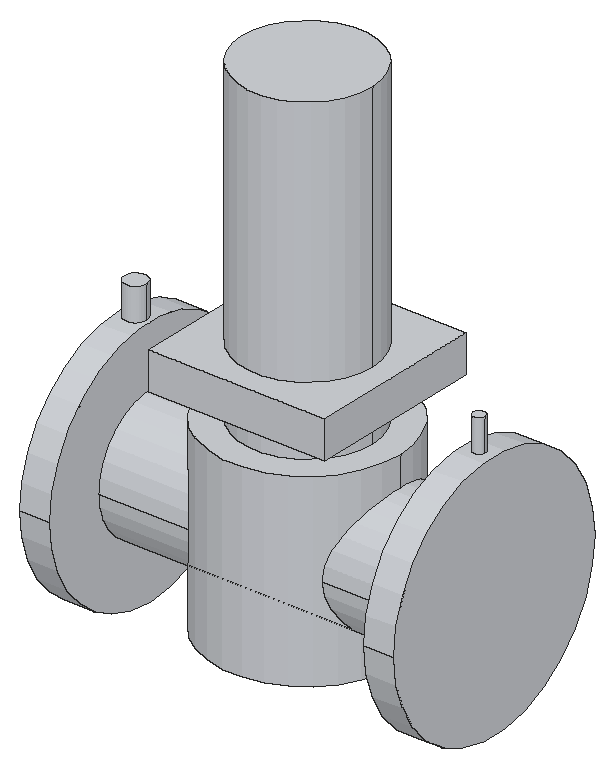
Revit family "PV_Compact_PN25_DN100_(50-200kPa)_RFA_2019", category Pipe Accessories, Revit 2019
Family settings
  Round Connector Dimension = Use Diameter
  Part Type = Valve - Breaks Into
  Work Plane-Based = No
  Always vertical = Yes
  Cut with Voids When Loaded = No
  Shared = No
Parameters (values of type "PV Compact PN25 DN100 (50-200kPa)")
  magiProductId = "7d735ad2cc7a4544b6e207f0b5dfca"
  magiProductFamilyId = "1af2f5f7761a4c5f850eea414834fa"
  magiPartTypeId = 304
  isMeasuringValve [instance] = no
  ang2D [instance] = 0.00°
  W2D = 50 mm
  VersionID = "2.0/2018.12.13.2/FRESE_PV_COMPACT_BIG_Q13_001"
  Use Minimum Symbol Size [instance] = no
  URL = "www.hydronic.cz"
  Type Comments = "PŘÍRUBOVÝ; PN25; dpmax=1000kPa; -10~+120°C"
  R4 = 61.25 mm
  R3 = 61.1 mm
  R1 = 87.5 mm
  QmdConnectorList = "301;D;302;D"
  Productdata [instance] = ""
  Manufacturer = "Hydronic Systems Prague s.r.o."
  Maintenance Zone Under Depth [instance] = 100 mm
  Maintenance Zone Right Depth [instance] = 100 mm
  Maintenance Zone Over Depth [instance] = 100 mm
  Maintenance Zone Left Depth [instance] = 100 mm
  Maintenance Zone Front Depth [instance] = 100 mm
  Maintenance Zone Back Depth [instance] = 100 mm
  Maintenance Zone Front Visibility [instance] = no
  MC Use Limits From Balancing Method = no
  MC Throttling Minimum Value = 0
  MC Throttling Maximum Value = 0
  MC Product Code = "53-3330 DN100 PN25; nastavitelný rozsah dp=20~100kPa; Q=20,3~81,3 m3/h;  kvs=115"
  MC Pressure Drop Minimum Value = 0.0 Pa
  MC Pressure Drop Maximum Value = 0.0 Pa
  MC Piping Given Pressure Drop [instance] = 0.0 Pa
  LF__ve = -LF  # -28 mm
  LF2 = 14 mm
  LF = 28 mm
  L4 = 164.5 mm
  L3 = 294 mm
  L2D_Min = 30.48 mm
  L2D = 230 mm
  L2 = 175 mm
  H6 = 234.75 mm
  H4 = 35.25 mm
  H3 = 29.375 mm
  H2 = 88.125 mm
  H1 = 176.25 mm
  Description = "Nastavitelný regulátor tlakové diference"
  DF2 = 117.5 mm
  D = 100 mm
  Clearance Zone Height Depth [instance] = 100 mm
  Clearance Zone Circular Radius [instance] = 175 mm
  Clearance Zone Visibility [instance] = no
  CAT0 = yes
Types (4, lengths in mm): name | magiProductId | R4 | R3 | R1 | MC Product Code | LF__ve | LF2 | LF | L4 | L3 | L2 | H6 | H4 | H3 | H2 | H1 | DF2 | D | Clearance Zone Circular Radius
  PV Compact PN25 DN050 (50-200kPa) | "08a421d9482846e584fc1251b4b528" | 40.25 | 42.9 | 57.5 | "53-3321 DN050 PN25; nastavitelný rozsah dp=20~100kPa; Q=5,1~20,5 m3/h;  kvs=29" | -18.4 | 9.2 | 18.4 | 108.1 | 193.2 | 115 | 82.25 | 24.75 | 20.625 | 61.875 | 123.75 | 82.5 | 50 | 115
  PV Compact PN25 DN065 (50-200kPa) | "3326a2f4bd724a059fd12b24a48407" | 50.75 | 48.1 | 72.5 | "53-3324 DN065 PN25; nastavitelný rozsah dp=20~100kPa; Q=7,4~29,7 m3/h;  kvs=42" | -23.2 | 11.6 | 23.2 | 136.3 | 243.6 | 145 | 105.25 | 27.75 | 23.125 | 69.375 | 138.75 | 92.5 | 65 | 145
  PV Compact PN25 DN080 (50-200kPa) | "aa373f4712fe4f789034ae13a1f456" | 54.25 | 52 | 77.5 | "53-3327 DN080 PN25; nastavitelný rozsah dp=20~100kPa; Q=11,7~47,4 m3/h;  kvs=67" | -24.8 | 12.4 | 24.8 | 145.7 | 260.4 | 155 | 141 | 30 | 25 | 75 | 150 | 100 | 80 | 155
  PV Compact PN25 DN100 (50-200kPa) | "7d735ad2cc7a4544b6e207f0b5dfca" | 61.25 | 61.1 | 87.5 | "53-3330 DN100 PN25; nastavitelný rozsah dp=20~100kPa; Q=20,3~81,3 m3/h;  kvs=115" | -28 | 14 | 28 | 164.5 | 294 | 175 | 234.75 | 35.25 | 29.375 | 88.125 | 176.25 | 117.5 | 100 | 175
Reference planes
  plane 1 "Center (Front/Back)": y = 0
  plane 2 "XYPLANE": z = 0
  plane 3 "Center (Left/Right)": x = 0
  plane 4 "257": y = -117.5
  plane 5 "256": y = 117.5
  plane 6 "255": z = -117.5
  plane 7 "254": y = -217.5
  plane 8 "253": y = 217.5
  plane 9 "252": x = -275
  plane 10 "251": x = 275
  plane 11 "250": z = 487.5
  plane 12 "249": z = -217.5
  plane 13 "248": z = 487.5
  plane 14 "247": z = 387.5
  plane 15 "157": x = 161
  plane 16 "156": x = -161
  plane 17 "155": z = 117.5
  plane 18 "154": z = 152.75
  plane 19 "153": z = 117.5
  plane 20 "152": z = 88.125
  plane 21 "151": x = -147
  plane 22 "150": z = -88.125
  plane 23 "149": x = 0
  plane 24 "148": y = 0
  plane 25 "147": z = 0
  plane 26 "146": x = -175
  plane 27 "145": x = 175
Forms (mm)
  Blend 1, solid, visible <- "Maintenance Zone Front Visibility"
    base sketch origin (-750, 0, -217.5) x (1, 0, 0) y (0, 1, 0)
      loop
        line (475, 217.5) -> (475, -217.5) -> (1025, -217.5) -> (1025, 217.5) -> (475, 217.5)
    top sketch origin (-750, 0, -217.5) x (1, 0, 0) y (0, 1, 0)
      loop
        line (475, 217.5) -> (475, -217.5) -> (1025, -217.5) -> (1025, 217.5) -> (475, 217.5)
    from 0 to 705
  Blend 2, solid, visible <- "Clearance Zone Visibility"
    base sketch origin (-750, 0, 0) x (1, 0, 0) y (0, 1, 0)
      loop
        circle (750, 0) r 175
    top sketch origin (-750, 0, 0) x (1, 0, 0) y (0, 1, 0)
      loop
        circle (750, 0) r 175
    from 0 to 487.5
  Extrusion 3, solid, visible <- "CAT0"
    sketch origin (-750, 0, 117.5) x (1, 0, 0) y (0, 1, 0)
      loop
        circle (911, 0) r 5.5
    from 0 to 30
  Extrusion 4, solid, visible <- "CAT0"
    sketch origin (-750, 0, 117.5) x (1, 0, 0) y (0, 1, 0)
      loop
        circle (589, 0) r 10.3
    from 0 to 30
  Extrusion 5, solid
    sketch origin (-750, 0, 152.75) x (1, 0, 0) y (0, 1, 0)
      loop
        circle (750, 0) r 61.25
    from 0 to 234.75 <- "H6"
  Extrusion 6, solid, visible <- "CAT0"
    sketch origin (-750, 0, 117.5) x (1, 0, 0) y (0, 1, 0)
      loop
        line (832.25, 82.25) -> (667.75, 82.25) -> (667.75, -82.25) -> (832.25, -82.25) -> (832.25, 82.25)
    from 0 to 35.25 <- "H4"
  Extrusion 7, solid, visible <- "CAT0"
    sketch origin (-750, 0, 88.125) x (1, 0, 0) y (0, 1, 0)
      loop
        circle (750, 0) r 61.25
    from 0 to 29.375 <- "H3"
  Extrusion 8, solid, visible <- "CAT0"
    sketch origin (-147, -750, 0) x (0, 1, 0) y (0, 0, 1)
      loop
        circle (750, 0) r 61.1
    from 0 to 294 <- "L3"
  Extrusion 9, solid, visible <- "CAT0"
    sketch origin (-750, 0, -88.125) x (1, 0, 0) y (0, 1, 0)
      loop
        circle (750, 0) r 87.5
    from 0 to 176.25 <- "H1"
  Extrusion 10, solid, visible <- "CAT0"
    sketch origin (-175, -750, 0) x (0, 1, 0) y (0, 0, 1)
      loop
        circle (750, 0) r 117.5
    from 0 to 28 <- "LF"
  Extrusion 11, solid, visible <- "CAT0"
    sketch origin (175, -750, 0) x (0, 1, 0) y (0, 0, 1)
      loop
        circle (750, 0) r 117.5
    from 0 to -28 <- "LF__ve"
  Extrusion 12, solid, not visible
    sketch origin (-175, -750, 0) x (0, 1, 0) y (0, 0, 1)
      loop
        circle (750, 0) r 10
    from 0 to 10
  Extrusion 13, solid, not visible
    sketch origin (175, -750, 0) x (0, 1, 0) y (0, 0, 1)
      loop
        circle (750, 0) r 10
    from 0 to -10
Lines and regions (mm)
  reference lines, not visible
    curve 1: circle (2, 2, 0) r 1 normal (0, 0, 1)
  reference lines
    curve 2: circle (0, 0, 117.5) r 1 normal (0, 0, 1)
Dimensions and locks
  plane 1 "Center (Front/Back)" to curve 1 = 2 mm
  "DF2": plane 24 "148" to plane 4 "257"
  "DF2": plane 24 "148" to plane 5 "256"
  "DF2": plane 25 "147" to plane 6 "255"
  "Maintenance Zone Front Depth": plane 4 "257" to plane 7 "254"
  "Maintenance Zone Back Depth": plane 5 "256" to plane 8 "253"
  "Maintenance Zone Left Depth": plane 26 "146" to plane 9 "252"
  "Maintenance Zone Right Depth": plane 27 "145" to plane 10 "251"
  "Maintenance Zone Over Depth": plane 14 "247" to plane 11 "250"
  "Maintenance Zone Under Depth": plane 6 "255" to plane 12 "249"
  "Clearance Zone Height Depth": plane 14 "247" to plane 13 "248"
  "H6": plane 18 "154" to plane 14 "247"
  "LF2": plane 27 "145" to plane 15 "157"
  "LF2": plane 26 "146" to plane 16 "156"
  "DF2": plane 2 "XYPLANE" to plane 17 "155"
  "H4": plane 19 "153" to plane 18 "154"
  "H3": plane 20 "152" to plane 19 "153"
  "H1": plane 22 "150" to plane 20 "152"
  "LF": plane 26 "146" to plane 21 "151"
  "H2": plane 2 "XYPLANE" to plane 22 "150"
  locked: plane 3 "Center (Left/Right)" to plane 23 "149"
  locked: plane 1 "Center (Front/Back)" to plane 24 "148"
  locked: plane 2 "XYPLANE" to plane 25 "147"
  "L2": plane 3 "Center (Left/Right)" to plane 26 "146"
  "L2": plane 3 "Center (Left/Right)" to plane 27 "145"
  Blend 1 sketch curve to Blend 1 sketch curve = 0 mm  (x16)
  equal spacing: Extrusion 6 sketch curve, curve 2, Extrusion 6 sketch curve  (x2)
  "L4": Extrusion 6 sketch curve to Extrusion 6 sketch curve  (x2)
  Extrusion 6 sketch curve to Extrusion 6 sketch curve = 0 mm  (x8)
  "Clearance Zone Circular Radius": radius of Blend 2 sketch curve  (x2)
  "R4": radius of Extrusion 5 sketch curve
  "R4": radius of Extrusion 7 sketch curve
  "R3": radius of Extrusion 8 sketch curve
  "R1": radius of Extrusion 9 sketch curve
  "DF2": radius of Extrusion 10 sketch curve
  "DF2": radius of Extrusion 11 sketch curve
  aligned and locked: level to plane 2 "XYPLANE"
  aligned and locked: Blend 1 sketch curve to plane 8 "253"  (x2)
  aligned and locked: plane 9 "252" to Blend 1 sketch curve  (x4)
  aligned and locked: plane 10 "251" to Blend 1 sketch curve  (x4)
  aligned and locked: plane 8 "253" to Blend 1 sketch curve  (x2)
  aligned and locked: plane 7 "254" to Blend 1 sketch curve  (x4)
  aligned and locked: plane 11 "250" to Blend 1
  aligned and locked: plane 23 "149" to Blend 2 sketch curve  (x2)
  aligned and locked: plane 24 "148" to Blend 2 sketch curve  (x2)
  aligned and locked: plane 13 "248" to Blend 2
  aligned and locked: plane 15 "157" to Extrusion 3 sketch curve
  aligned and locked: plane 24 "148" to Extrusion 3 sketch curve
  aligned and locked: plane 16 "156" to Extrusion 4 sketch curve
  aligned and locked: plane 24 "148" to Extrusion 4 sketch curve
  aligned and locked: plane 23 "149" to Extrusion 5 sketch curve
  aligned and locked: plane 24 "148" to Extrusion 5 sketch curve
  aligned and locked: plane 23 "149" to curve 2
  aligned and locked: plane 24 "148" to curve 2
  aligned and locked: plane 23 "149" to Extrusion 7 sketch curve
  aligned and locked: plane 24 "148" to Extrusion 7 sketch curve
  aligned and locked: Extrusion 8 sketch curve to plane 24 "148"
  aligned and locked: plane 25 "147" to Extrusion 8 sketch curve
  aligned and locked: plane 23 "149" to Extrusion 9 sketch curve
  aligned and locked: plane 24 "148" to Extrusion 9 sketch curve
  aligned and locked: Extrusion 10 sketch curve to plane 24 "148"
  aligned and locked: plane 25 "147" to Extrusion 10 sketch curve
  aligned and locked: Extrusion 11 sketch curve to plane 24 "148"
  aligned and locked: plane 25 "147" to Extrusion 11 sketch curve
  aligned and locked: Extrusion 12 sketch curve to plane 24 "148"
  aligned and locked: plane 25 "147" to Extrusion 12 sketch curve
  aligned and locked: Extrusion 13 sketch curve to plane 24 "148"
  aligned and locked: plane 25 "147" to Extrusion 13 sketch curve
Automatic sketch dimensions
  Extrusion 3 sketch curve to plane 15 "157" = 5.5 mm
  plane 26 "146" to Extrusion 4 sketch curve = 3.7 mm
  plane 1 "Center (Front/Back)" to Extrusion 12 sketch curve = 10 mm
  plane 1 "Center (Front/Back)" to Extrusion 13 sketch curve = 10 mm
  plane 3 "Center (Left/Right)" to curve 1 = 2 mm
  plane 21 "151" to Extrusion 6 sketch curve = 64.75 mm
  plane 4 "257" to Extrusion 6 sketch curve = 35.25 mm
  radius of curve 2 = 1 mm
  radius of curve 1 = 1 mm
Connectors
  piping at (-175, 0, 0), diameter 100, driven by "D"
    settings: on Extrusion 12, index 1, connector inside diameter 609.6 mm, connector length 0 mm, flow factor 0, pipe flow 0.0 L/s, pressure drop 0.0 Pa, fitting loss kfactor 0, connector angle 0.00°, fixture units 0, engagement length 0 mm, angle of deflection 0.00°, flow configuration 0, flow direction 0, fitting loss method 0, system type 29, joint type 0, gender type 0, connector reference index 2, connector utility 0, adjustable connector no, is connector primary yes, connector description ""
  piping at (175, 0, 0), diameter 100, driven by "D"
    settings: on Extrusion 13, index 2, connector inside diameter 609.6 mm, connector length 0 mm, flow factor 0, pipe flow 0.0 L/s, pressure drop 0.0 Pa, fitting loss kfactor 0, connector angle 0.00°, fixture units 0, engagement length 0 mm, angle of deflection 0.00°, flow configuration 0, flow direction 0, fitting loss method 0, system type 29, joint type 0, gender type 0, connector reference index 1, connector utility 0, adjustable connector no, is connector primary no, connector description ""
